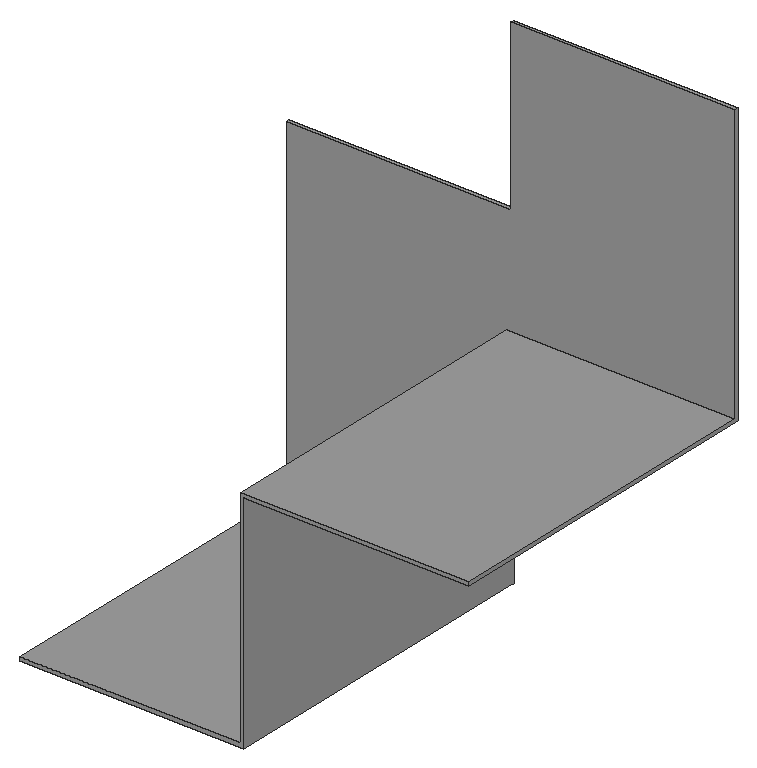
Revit family "Flashing_Preformed_Hyload_LevelChange", category Generic Models, Revit 2016
Family settings
  Part Type = Normal
  Can host rebar = No
  Round Connector Dimension = Use Diameter
  OmniClass Number = 23.20.30.24.11
  OmniClass Title = Embedded Flashing
  Work Plane-Based = No
  Always vertical = Yes
  Cut with Voids When Loaded = No
  Shared = No
  Room Calculation Point = No
Parameters (values of type "4 inch")
  Upper Height = 0' - 5"
  Unit Width = 0' - 4"
  Unit Height = 0' - 4"
  Unit Depth = 0' - 6"
  URL = "http://www.hyload.com/"
  Thickness = 0' - 0 1/16"
  Specification = "http://www.arcat.com/sdspecs/htm04/07_65_00hyl.htm"
  Sales Information = "http://www.hyload.com/contact-us"
  Revision = "R1_12-2015"
  Product Properties = "http://www.hyload.com/masonry-flashing/preformed-shapes/"
  Product Data = "http://www.arcat.com/arcatcos/cos33/arc33176.html"
  Model = "4 in Level Change"
  Manufacturer Website = "http://www.hyload.com/"
  Manufacturer Phone - Toll Free = "800-457-4056"
  Manufacturer Phone = "330-769-3546"
  Manufacturer Fax = "330-769-4153"
  Manufacturer Address = "5020 Panther Pkwy., Seville, OH 44273"
  Manufacturer = "Hyload"
  Lower Height = 0' - 6"
  Keynote = "07 65 00"
  Flashing Material = Hyload Flashing Membrane - Grey
  Drawn By = "Robert S. Weygant / Sumex Design"
  Description = "Preformed Hyload Masonry Flashing - 4 in Level Change"
  Copyright = "(c) ARCAT, Inc, 2015"
  Construction Details = "http://www.arcat.com/details/hyload/hyload.html?coid=33176"
  Assembly Code = "B3010400"
Types (2): name | Upper Height | Unit Height | Model | Description
  3 inch | 0' - 6" | 0' - 3" | "3 in Level Change" | "Preformed Hyload Masonry Flashing - 3 in Level Change"
  4 inch | 0' - 5" | 0' - 4" | "4 in Level Change" | "Preformed Hyload Masonry Flashing - 4 in Level Change"
Reference planes (in)
  plane 1 "Center (Front/Back)": y = 0
  plane 2: z = 0
  plane 3 "Center (Left/Right)": x = 0
  plane 4: y = -6
  plane 5: x = 4
  plane 6: z = 4
  plane 7: x = -4
Forms (in)
  Extrusion 1, solid, material "Hyload Flashing Membrane - Grey" <- "Flashing Material"
    sketch origin (0, 0, 0) x (1, 0, 0) y (0, 0, 1)
      loop
        line (-4, 0) -> (0, 0) -> (0, 4) -> (4, 4) -> (4, 4.0625) -> (-0.0625, 4.0625) -> (-0.0625, 0.0625) -> (-4, 0.0625) -> (-4, 0)
    from 0 to 6
  Extrusion 2, solid, material "Hyload Flashing Membrane - Grey" <- "Flashing Material"
    sketch origin (0, 0, 0) x (1, 0, 0) y (0, 0, 1)
      loop
        line (4, 4) -> (4, 9) -> (0, 9) -> (0, 6) -> (-4, 6) -> (-4, 0) -> (0, 0) -> (0, 4) -> (4, 4)
    from 0 to 0.0625 <- "Thickness"
Cuts and joins
  joined: Extrusion 1, Extrusion 2
Dimensions and locks (in)
  "Unit Depth": plane 4 to plane 1 "Center (Front/Back)"
  "Unit Width": plane 3 "Center (Left/Right)" to plane 5
  "Unit Height": plane 6 to level
  "Thickness": Extrusion 1 sketch curve to plane 6
  "Thickness": Extrusion 1 sketch curve to level
  "Thickness": plane 3 "Center (Left/Right)" to Extrusion 1 sketch curve
  "Upper Height": Extrusion 2 sketch curve to plane 6
  "Lower Height": Extrusion 2 sketch curve to level
  "Unit Width": plane 7 to plane 3 "Center (Left/Right)"
  aligned and locked: plane 2 to level
  aligned and locked: Extrusion 1 sketch curve to level
  aligned and locked: Extrusion 1 sketch curve to plane 6
  aligned and locked: Extrusion 1 to plane 4
  aligned and locked: plane 5 to Extrusion 1 sketch curve
  aligned and locked: plane 3 "Center (Left/Right)" to Extrusion 1 sketch curve
  aligned and locked: plane 7 to Extrusion 1 sketch curve
  aligned and locked: plane 7 to Extrusion 2 sketch curve
  aligned and locked: plane 3 "Center (Left/Right)" to Extrusion 2 sketch curve  (x2)
  aligned and locked: Extrusion 2 sketch curve to plane 6
  aligned and locked: Extrusion 2 sketch curve to level
Automatic sketch dimensions
  Extrusion 2 sketch curve to plane 5 = 0' - 0"
